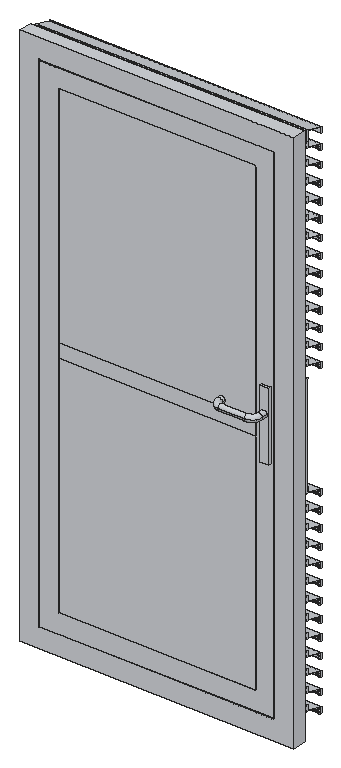
Revit family "NLRS_31_DO_WB_HF66-66 enkele deur-AV_jazo_jazo", category Doors, host Wall, Revit 2020 (continued)
Definition of nested family "NLRS_31_GM_UN_HF66-66 schoep-AV"
  Automatic sketch dimensions
    Extrusion 1 sketch curve to plane 8 "Top" = 0.671 mm
    Extrusion 1 sketch curve to Extrusion 1 sketch curve = 61.063 mm
    Extrusion 1 sketch curve to plane 8 "Top" = 2.41 mm
    Extrusion 1 sketch curve to Extrusion 1 sketch curve = 1.366 mm
    Extrusion 1 sketch curve to Extrusion 1 sketch curve = 0.005 mm
    Extrusion 1 sketch curve to plane 8 "Top" = 0.034 mm
    Extrusion 1 sketch curve to Extrusion 1 sketch curve = 0.541 mm
    Extrusion 1 sketch curve to Extrusion 1 sketch curve = 0.259 mm
    Extrusion 1 sketch curve to Extrusion 1 sketch curve = 0.902 mm  (x2)
    Extrusion 1 sketch curve to Extrusion 1 sketch curve = 0 mm
    Extrusion 1 sketch curve to Extrusion 1 sketch curve = 3.2 mm  (x2)
    Extrusion 1 sketch curve to Extrusion 1 sketch curve = 1.8 mm  (x2)
    Extrusion 1 sketch curve to Extrusion 1 sketch curve = 1.043 mm
    Extrusion 1 sketch curve to Extrusion 1 sketch curve = 5.004 mm
    Extrusion 1 sketch curve to Extrusion 1 sketch curve = 5.649 mm
    Extrusion 1 sketch curve to Extrusion 1 sketch curve = 1.865 mm
    Extrusion 1 sketch curve to Extrusion 1 sketch curve = 0.553 mm
    Extrusion 1 sketch curve to Extrusion 1 sketch curve = 0.79 mm
    level to Extrusion 1 sketch curve = 20.677 mm
    Extrusion 1 sketch curve to Extrusion 1 sketch curve = 0.614 mm
    Extrusion 1 sketch curve to Extrusion 1 sketch curve = 7.719 mm
    Extrusion 1 sketch curve to Extrusion 1 sketch curve = 0.9 mm
    Extrusion 1 sketch curve to Extrusion 1 sketch curve = 7.784 mm
    Extrusion 1 sketch curve to Extrusion 1 sketch curve = 0.548 mm
    Extrusion 1 sketch curve to Extrusion 1 sketch curve = 0.894 mm
Definition of nested family "NLRS_31_GM_UN_HF66-66 scharnier schoep-AV"
  Parameters (values of type "HF66-66  scharnier schoep")
    URL = "www.jazo.com"
    NLRS_C_zichtbaar_01 = yes
    NLRS_C_stelruimte_01 = 4 mm  # constant formula
    NLRS_C_materiaal = none
    NLRS_C_breedte_01 = 40 mm  # constant formula
    NLRS_C_breedte [instance] = 1000 mm
    Model = ""
    Manufacturer = "JAZO Zevenaar bv"
    Description = "HF66-66 scharnier schoep"
    Default Elevation = 0 mm
    Assembly Code = "23.30.60.11.17.11"
  Reference planes
    plane 1 "Center (Front/Back)": y = 0
    plane 2 "Bottom": z = 0
    plane 3 "Center (Left/Right)": x = 0
    plane 4 "Left": x = -500
    plane 5 "Right": x = 500
    plane 6 "schoep l": x = -496
    plane 7 "schoep r": x = 496
    plane 8 "scharnier": x = -456
    plane 9 "Top": z = 54.467
    plane 10 "voorkant schoep": y = 35.75
    plane 11 "achterkant schoep": y = -35.75
    plane 12 "voorkant kozijn": y = -46.75
  Forms (mm)
    Extrusion 1, solid, material <- "NLRS_C_materiaal", visible <- "NLRS_C_zichtbaar_01"
      sketch origin (0, -13.25, -19.505) x (0, -1, 0) y (0, 0, -1)
        loop
          arc (-48.259, -19.784) -> (-48.793, -20.142) -> (-49, -20.75) r 1
          line (-49, -20.75) -> (-49, -39.216)
          arc (-49, -39.216) -> (-48.793, -39.824) -> (-48.259, -40.182) r 1
          line (-48.259, -40.182) -> (15.7, -57.319) -> (15.7, -71.929) -> (14.329, -71.562)
          arc (14.329, -71.562) -> (13.227, -72.198) -> (13.863, -73.301) r 0.9
          line (13.863, -73.301) -> (16.241, -73.938)
          arc (16.241, -73.938) -> (17.109, -73.765) -> (17.5, -72.972) r 1
          line (17.5, -72.972) -> (17.5, -67.968) -> (22.5, -67.968) -> (22.5, -62.968) -> (20.7, -62.968) -> (20.7, -66.168) -> (17.5, -66.168) -> (17.5, -54.664)
          arc (17.5, -54.664) -> (16.597, -53.969) -> (15.695, -54.664) r 0.933
          line (15.695, -54.664) -> (15.695, -55.454) -> (-47.2, -38.602) -> (-47.2, -30.883) -> (-45.2, -30.883)
          arc (-45.2, -30.883) -> (-44.3, -29.983) -> (-45.2, -29.083) r 0.9
          line (-45.2, -29.083) -> (-47.2, -29.083) -> (-47.2, -21.299)
          arc (-47.2, -21.299) -> (-46.199, -20.339) -> (-47.329, -19.535) r 0.9
          line (-47.329, -19.535) -> (-48.259, -19.784)
      from -456 to 496
  Dimensions and locks
    equal spacing: plane 4 "Left", plane 3 "Center (Left/Right)", plane 5 "Right"
    "NLRS_C_breedte": plane 4 "Left" to plane 5 "Right"
    "NLRS_C_breedte_01": plane 6 "schoep l" to plane 8 "scharnier"
    "NLRS_C_stelruimte_01": plane 4 "Left" to plane 6 "schoep l"
    "NLRS_C_stelruimte_01": plane 7 "schoep r" to plane 5 "Right"
    locked: plane 11 "achterkant schoep" to plane 12 "voorkant kozijn" at 11
    aligned and locked: level to plane 2 "Bottom"
    aligned and locked: plane 7 "schoep r" to Extrusion 1
    aligned and locked: Extrusion 1 to plane 8 "scharnier"
  Automatic sketch dimensions
    plane 12 "voorkant kozijn" to Extrusion 1 sketch curve = 82.5 mm
    Extrusion 1 sketch curve to Extrusion 1 sketch curve = 0.741 mm  (x2)
    Extrusion 1 sketch curve to Extrusion 1 sketch curve = 1 mm  (x2)
    Extrusion 1 sketch curve to Extrusion 1 sketch curve = 0.929 mm
    Extrusion 1 sketch curve to Extrusion 1 sketch curve = 0.8 mm  (x2)
    Extrusion 1 sketch curve to Extrusion 1 sketch curve = 0.233 mm  (x3)
    Extrusion 1 sketch curve to Extrusion 1 sketch curve = 2 mm
    Extrusion 1 sketch curve to plane 9 "Top" = 0.671 mm
    Extrusion 1 sketch curve to Extrusion 1 sketch curve = 61.063 mm
    Extrusion 1 sketch curve to plane 9 "Top" = 2.41 mm
    Extrusion 1 sketch curve to Extrusion 1 sketch curve = 1.366 mm
    Extrusion 1 sketch curve to Extrusion 1 sketch curve = 0.005 mm
    Extrusion 1 sketch curve to plane 9 "Top" = 0.034 mm
    Extrusion 1 sketch curve to Extrusion 1 sketch curve = 0.541 mm
    Extrusion 1 sketch curve to Extrusion 1 sketch curve = 0.259 mm
    Extrusion 1 sketch curve to Extrusion 1 sketch curve = 0.902 mm  (x2)
    Extrusion 1 sketch curve to Extrusion 1 sketch curve = 0 mm
    Extrusion 1 sketch curve to Extrusion 1 sketch curve = 3.2 mm  (x2)
    Extrusion 1 sketch curve to Extrusion 1 sketch curve = 1.8 mm  (x2)
    Extrusion 1 sketch curve to Extrusion 1 sketch curve = 1.043 mm
    Extrusion 1 sketch curve to Extrusion 1 sketch curve = 3.961 mm
    Extrusion 1 sketch curve to Extrusion 1 sketch curve = 5.649 mm
    Extrusion 1 sketch curve to Extrusion 1 sketch curve = 1.865 mm
    Extrusion 1 sketch curve to Extrusion 1 sketch curve = 0.553 mm
    Extrusion 1 sketch curve to Extrusion 1 sketch curve = 0.79 mm
    Extrusion 1 sketch curve to Extrusion 1 sketch curve = 0.614 mm
    Extrusion 1 sketch curve to Extrusion 1 sketch curve = 7.719 mm
    Extrusion 1 sketch curve to Extrusion 1 sketch curve = 0.9 mm
    Extrusion 1 sketch curve to Extrusion 1 sketch curve = 7.784 mm
    Extrusion 1 sketch curve to Extrusion 1 sketch curve = 0.548 mm
    Extrusion 1 sketch curve to Extrusion 1 sketch curve = 0.894 mm
    Extrusion 1 sketch curve to plane 9 "Top" = 33.79 mm
Definition of nested family "NLRS_31_GM_UN_HF66-66 beslag schoep-AV"
  Parameters (values of type "HF66-66 beslag schoep")
    URL = "www.jazo.com"
    NLRS_C_zichtbaar_01 = yes
    NLRS_C_stelruimte_01 = 4 mm  # constant formula
    NLRS_C_materiaal = none
    NLRS_C_breedte_01 = 275 mm  # constant formula
    NLRS_C_breedte [instance] = 1000 mm
    Model = ""
    Manufacturer = "JAZO Zevenaar bv"
    Description = "HF66-66 beslag schoep"
    Default Elevation = 0 mm
    Assembly Code = "23.30.60.11.17.11"
  Reference planes
    plane 1 "Center (Front/Back)": y = 0
    plane 2 "Bottom": z = 0
    plane 3 "Center (Left/Right)": x = 0
    plane 4 "Left": x = -500
    plane 5 "Right": x = 500
    plane 6 "schoep l": x = -496
    plane 7 "schoep r": x = 496
    plane 8 "beslag": x = 221
    plane 9 "Top": z = 54.467
    plane 10 "voorkant schoep": y = 35.75
    plane 11 "achterkant schoep": y = -35.75
    plane 12 "voorkant kozijn": y = -46.75
  Forms (mm)
    Extrusion 1, solid, material <- "NLRS_C_materiaal", visible <- "NLRS_C_zichtbaar_01"
      sketch origin (0, -15, -13.505) x (0, -1, 0) y (0, 0, -1)
        loop
          arc (-50.009, -13.784) -> (-50.543, -14.142) -> (-50.75, -14.75) r 1
          line (-50.75, -14.75) -> (-50.75, -33.216)
          arc (-50.75, -33.216) -> (-50.543, -33.824) -> (-50.009, -34.182) r 1
          line (-50.009, -34.182) -> (13.95, -51.319) -> (13.95, -65.929) -> (12.579, -65.562)
          arc (12.579, -65.562) -> (11.477, -66.198) -> (12.113, -67.301) r 0.9
          line (12.113, -67.301) -> (14.491, -67.938)
          arc (14.491, -67.938) -> (15.359, -67.765) -> (15.75, -66.972) r 1
          line (15.75, -66.972) -> (15.75, -61.968) -> (20.75, -61.968) -> (20.75, -56.968) -> (18.95, -56.968) -> (18.95, -60.168) -> (15.75, -60.168) -> (15.75, -48.664)
          arc (15.75, -48.664) -> (14.847, -47.969) -> (13.945, -48.664) r 0.933
          line (13.945, -48.664) -> (13.945, -49.454) -> (-48.95, -32.602) -> (-48.95, -24.883) -> (-46.95, -24.883)
          arc (-46.95, -24.883) -> (-46.05, -23.983) -> (-46.95, -23.083) r 0.9
          line (-46.95, -23.083) -> (-48.95, -23.083) -> (-48.95, -15.299)
          arc (-48.95, -15.299) -> (-47.949, -14.339) -> (-49.079, -13.535) r 0.9
          line (-49.079, -13.535) -> (-50.009, -13.784)
      from -496 to 221
  Dimensions and locks
    equal spacing: plane 4 "Left", plane 3 "Center (Left/Right)", plane 5 "Right"
    "NLRS_C_breedte": plane 4 "Left" to plane 5 "Right"
    "NLRS_C_breedte_01": plane 8 "beslag" to plane 7 "schoep r"
    "NLRS_C_stelruimte_01": plane 7 "schoep r" to plane 5 "Right"
    "NLRS_C_stelruimte_01": plane 4 "Left" to plane 6 "schoep l"
    locked: plane 11 "achterkant schoep" to plane 12 "voorkant kozijn" at 11
    aligned and locked: level to plane 2 "Bottom"
    aligned and locked: plane 8 "beslag" to Extrusion 1
    aligned and locked: Extrusion 1 to plane 6 "schoep l"
  Automatic sketch dimensions
    Extrusion 1 sketch curve to plane 10 "voorkant schoep" = 0 mm
    Extrusion 1 sketch curve to plane 11 "achterkant schoep" = 0 mm
    Extrusion 1 sketch curve to plane 10 "voorkant schoep" = 0.741 mm  (x2)
    Extrusion 1 sketch curve to plane 10 "voorkant schoep" = 1 mm  (x2)
    Extrusion 1 sketch curve to Extrusion 1 sketch curve = 0.8 mm
    Extrusion 1 sketch curve to Extrusion 1 sketch curve = 2 mm
    Extrusion 1 sketch curve to Extrusion 1 sketch curve = 0.233 mm  (x3)
    Extrusion 1 sketch curve to plane 11 "achterkant schoep" = 8.637 mm
    Extrusion 1 sketch curve to plane 11 "achterkant schoep" = 6.805 mm
    Extrusion 1 sketch curve to Extrusion 1 sketch curve = 0.005 mm
    Extrusion 1 sketch curve to Extrusion 1 sketch curve = 2.378 mm
    Extrusion 1 sketch curve to Extrusion 1 sketch curve = 0.259 mm
    Extrusion 1 sketch curve to Extrusion 1 sketch curve = 0.902 mm  (x2)
    Extrusion 1 sketch curve to Extrusion 1 sketch curve = 0 mm
    Extrusion 1 sketch curve to plane 11 "achterkant schoep" = 1.8 mm
    level to Extrusion 1 sketch curve = 0.031 mm
    Extrusion 1 sketch curve to Extrusion 1 sketch curve = 0.869 mm  (x2)
    Extrusion 1 sketch curve to Extrusion 1 sketch curve = 0.249 mm
    Extrusion 1 sketch curve to Extrusion 1 sketch curve = 0.548 mm
    Extrusion 1 sketch curve to Extrusion 1 sketch curve = 0.9 mm
    Extrusion 1 sketch curve to Extrusion 1 sketch curve = 7.719 mm
    Extrusion 1 sketch curve to Extrusion 1 sketch curve = 0.614 mm
    Extrusion 1 sketch curve to plane 9 "Top" = 19.308 mm
    Extrusion 1 sketch curve to Extrusion 1 sketch curve = 0.001 mm
    Extrusion 1 sketch curve to Extrusion 1 sketch curve = 0.79 mm
    Extrusion 1 sketch curve to Extrusion 1 sketch curve = 1.865 mm
    Extrusion 1 sketch curve to Extrusion 1 sketch curve = 5.649 mm
    Extrusion 1 sketch curve to Extrusion 1 sketch curve = 3.2 mm
    Extrusion 1 sketch curve to Extrusion 1 sketch curve = 1.8 mm
    Extrusion 1 sketch curve to Extrusion 1 sketch curve = 4.463 mm
    Extrusion 1 sketch curve to Extrusion 1 sketch curve = 0.541 mm
    Extrusion 1 sketch curve to Extrusion 1 sketch curve = 0.367 mm
    Extrusion 1 sketch curve to Extrusion 1 sketch curve = 0.929 mm
    Extrusion 1 sketch curve to Extrusion 1 sketch curve = 18.883 mm
Definition of nested family "NLRS_31_GM_UN_beslagbak HF66-66-AV"
  Parameters (values of type "beslagbak HF66-66")
    URL = "www.jazo.com"
    NLRS_C_diepte_01 = 50 mm
    NLRS_C_afstand = if(JAZO_C_enkele deur, 95 mm, if(JAZO_C_dubbele deur, 48 mm, 48 mm))  # 95 mm
    Model = ""
    Manufacturer = "JAZO Zevenaar bv"
    JAZO_C_opbouwrooster HF66 66 = yes
    JAZO_C_materiaal schoep = none
    JAZO_C_materiaal beslag = none
    JAZO_C_enkele deur = yes
    JAZO_C_dubbele deur = no
    Description = "beslagbak HF66-66"
    Default Elevation = 0 mm
    Assembly Code = "23.30.40.31"
  Reference planes
    plane 1 "Center (Front/Back)": y = 0
    plane 2 "Bottom": z = 0
    plane 3 "Center (Left/Right)": x = 0
    plane 4 "Tussen": x = -179.999
    plane 5 "Right": x = 95
    plane 6 "Left": x = -240
    plane 7 "center hs50r": z = 310
    plane 8 "knop-kruk": x = 0
    plane 9 "stelruimte belsagbak": x = 99
    plane 10 "voorkant kozijn": y = -11
  Dimensions and locks
    plane 4 "Tussen" to plane 3 "Center (Left/Right)" = 179.999 mm
    plane 3 "Center (Left/Right)" to plane 5 "Right" = 95 mm
    plane 4 "Tussen" to plane 5 "Right" = 274.999 mm
    plane 6 "Left" to plane 4 "Tussen" = 60.001 mm
    "NLRS_C_afstand": plane 5 "Right" to plane 8 "knop-kruk"
    locked: plane 5 "Right" to plane 9 "stelruimte belsagbak" at 4
    locked: plane 10 "voorkant kozijn" to plane 1 "Center (Front/Back)" at 11
    aligned and locked: level to plane 2 "Bottom"
    aligned and locked: plane 7 "center hs50r" to nested 1
    aligned and locked: plane 8 "knop-kruk" to nested 1
    aligned and locked: plane 5 "Right" to nested 2
    aligned and locked: plane 1 "Center (Front/Back)" to nested 2
  Nested families
    nested 1: "NLRS_31_GM_UN_beslag opbouwrooster-AV" at (0, -11, 147), visible <- "JAZO_C_opbouwrooster HF66 66", type "beslag opbouwrooster"
    nested 2: "NLRS_31_GM_UN_beslagbak los HF66-66-AV" at (0, 0, 0), type "beslagbak HF66-66"
  Definition of nested family "NLRS_31_GM_UN_beslag opbouwrooster-AV"
    Parameters (values of type "beslag opbouwrooster")
      URL = "www.jazo.com"
      NLRS_C_materiaal = none
      NLRS_C_diepte_01 = 50 mm
      Model = ""
      Manufacturer = "Jazo Zevenaar bv"
      Description = "Beslag opbouwrooster"
      Default Elevation = 0 mm
      Assembly Code = "23.30.40.31"
    Reference planes
      plane 1 "Center (Front/Back)": y = 0
      plane 2 "Bottom": z = 0
      plane 3 "Center (Left/Right)": x = 0
      plane 4 "kruk": z = 163
      plane 5 "cilinder": z = 71.5
      plane 6 "achterkant kozijn": y = -50
      plane 7 "start beslag": y = 15
    Forms (mm)
      Extrusion 1, solid, material <- "NLRS_C_materiaal"
        sketch origin (0, 37, 0) x (1, 0, 0) y (0, 1, 0)
          loop
            line (-16, -10) -> (-16, -22) -> (16, -22) -> (16, -10) -> (-16, -10)
        from 0 to 251
      Extrusion 2, solid, material <- "NLRS_C_materiaal"
        sketch origin (0, 0, 0) x (1, 0, 0) y (0, 0, -1)
          loop
            circle (0, -163) r 11
        from 27 to 57
      Extrusion 3, solid, material <- "NLRS_C_materiaal"
        sketch origin (0, 0, 0) x (1, 0, 0) y (0, 0, -1)
          loop
            circle (0, -163) r 25
        from 57 to 73
      Sweep 4, solid, material <- "NLRS_C_materiaal"
        path origin (0, -4, 0) x (1, 0, 0) y (0, 1, 0)
          loop
            line (0, -58) -> (0, -80)
            arc (0, -80) -> (-7.249, -97.5) -> (-24.749, -104.749) r 24.749
            line (-24.749, -104.749) -> (-120.749, -104.749)
            arc (-120.749, -104.749) -> (-138.249, -97.5) -> (-145.497, -80) r 24.749
            line (-145.497, -80) -> (-145.497, -69)
        profile origin (0, -73, 0) x (1, 0, 0) y (0, 0, 1)
          loop
            circle (0, 163) r 11
      Extrusion 5, solid, material <- "NLRS_C_materiaal"
        sketch origin (0, -37, 0) x (1, 0, 0) y (0, 1, 0)
          loop
            line (-16, -25) -> (16, -25) -> (16, -13) -> (-16, -13) -> (-16, -25)
        from 0 to 251
    Dimensions and locks
      locked: plane 4 "kruk" to plane 2 "Bottom" at 163
      locked: plane 5 "cilinder" to plane 2 "Bottom" at 71.5
      locked: plane 7 "start beslag" to Extrusion 2 at 12
      locked: plane 7 "start beslag" to Extrusion 3 at 42
      locked: Extrusion 3 to plane 7 "start beslag" at 58
      locked: plane 1 "Center (Front/Back)" to plane 7 "start beslag" at 15
      "NLRS_C_diepte_01": plane 6 "achterkant kozijn" to plane 1 "Center (Front/Back)"
      aligned and locked: level to plane 2 "Bottom"
      aligned and locked: Extrusion 1 to plane 7 "start beslag"
      aligned and locked: Extrusion 2 to Extrusion 3
      aligned and locked: Extrusion 2 to Extrusion 1
    Automatic sketch dimensions
      Extrusion 1 sketch curve to plane 7 "start beslag" = 0 mm
      Extrusion 1 sketch curve to plane 3 "Center (Left/Right)" = 16 mm
      plane 3 "Center (Left/Right)" to Extrusion 1 sketch curve = 16 mm
      plane 7 "start beslag" to Extrusion 1 sketch curve = 12 mm
      Extrusion 2 sketch curve to plane 3 "Center (Left/Right)" = 0 mm
      Extrusion 2 sketch curve to plane 4 "kruk" = 0 mm
      Extrusion 3 sketch curve to plane 3 "Center (Left/Right)" = 0 mm
      Extrusion 3 sketch curve to plane 4 "kruk" = 0 mm
      Sweep 4 sketch curve to plane 3 "Center (Left/Right)" = 0 mm
      Sweep 4 sketch curve to plane 3 "Center (Left/Right)" = 24.749 mm
      Sweep 4 sketch curve to plane 6 "achterkant kozijn" = 58.749 mm
      Sweep 4 sketch curve to Sweep 4 sketch curve = 96 mm
      Sweep 4 sketch curve to Sweep 4 sketch curve = 24.749 mm
      Sweep 4 sketch curve to Sweep 4 sketch curve = 11 mm
      Sweep 4 sketch curve to plane 6 "achterkant kozijn" = 12 mm
      profile plane to Sweep 4 sketch curve = 0 mm
      profile plane to Sweep 4 sketch curve = 163 mm
      Extrusion 5 sketch curve to plane 6 "achterkant kozijn" = 0 mm
      Extrusion 5 sketch curve to plane 3 "Center (Left/Right)" = 16 mm
      plane 3 "Center (Left/Right)" to Extrusion 5 sketch curve = 16 mm
      Extrusion 5 sketch curve to Extrusion 5 sketch curve = 12 mm
      radius of Extrusion 2 sketch curve = 11 mm
      radius of Extrusion 3 sketch curve = 25 mm
      radius of Sweep 4 sketch curve = 11 mm
  Definition of nested family "NLRS_31_GM_UN_beslagbak los HF66-66-AV"
    Parameters (values of type "beslagbak HF66-66")
      URL = "www.jazo.com"
      NLRS_C_materiaal = none
      Model = ""
      Manufacturer = "JAZO Zevenaar bv"
      Description = "Beslagbak HF66-66"
      Default Elevation = 0 mm
      Assembly Code = "23.30.40.31"
    Reference planes
      plane 1 "Center (Front/Back)": y = 0
      plane 2 "Bottom": z = 0
      plane 3 "Center (Left/Right)": x = 0
      plane 4 "Tussen": x = -180
      plane 5 "Right": x = 95
      plane 6 "Left": x = -240
      plane 7 "mid": x = -212
    Forms (mm)
      Extrusion 1, solid, material <- "NLRS_C_materiaal"
        sketch origin (0, 0, 67.049) x (0, 1, 0) y (0, 0, 1)
          loop
            line (1.8, 359.053) -> (1.8, -16.284) -> (69.7, -34.478) -> (69.7, -42.197) -> (67.7, -42.197)
            arc (67.7, -42.197) -> (66.8, -43.097) -> (67.7, -43.997) r 0.9
            line (67.7, -43.997) -> (69.7, -43.997) -> (69.7, -51.781)
            arc (69.7, -51.781) -> (68.699, -52.741) -> (69.829, -53.545) r 0.9
            line (69.829, -53.545) -> (70.759, -53.296)
            arc (70.759, -53.296) -> (71.293, -52.938) -> (71.5, -52.33) r 1
            line (71.5, -52.33) -> (71.5, -33.864)
            arc (71.5, -33.864) -> (71.293, -33.256) -> (70.759, -32.898) r 1
            line (70.759, -32.898) -> (4, -15.01) -> (4, 356.6) -> (8.171, 355.482)
            arc (8.171, 355.482) -> (9.273, 356.118) -> (8.637, 357.221) r 0.9
            line (8.637, 357.221) -> (1.8, 359.053)
        from 95 to -180
      Extrusion 2, solid, material <- "NLRS_C_materiaal"
        sketch origin (0, 1.8, 0) x (1, 0, 0) y (0, 1, 0)
          loop
            line (-240, 0) -> (-240, -9)
            arc (-240, -9) -> (-239.414, -10.414) -> (-238, -11) r 2
            line (-238, -11) -> (-212, -11)
            arc (-212, -11) -> (-210.586, -10.414) -> (-210, -9) r 2
            line (-210, -9) -> (-210, -2.014)
            arc (-210, -2.014) -> (-209.41, -0.59) -> (-207.986, 0) r 2.014
            line (-207.986, 0) -> (-180, 0) -> (-180, 2.2) -> (-207.786, 2.2)
            arc (-207.786, 2.2) -> (-210.766, 0.966) -> (-212, -2.014) r 4.214
            line (-212, -2.014) -> (-212, -9) -> (-238, -9) -> (-238, 0) -> (-240, 0)
        from 423.649 to 50.765
      Extrusion 3, solid, material <- "NLRS_C_materiaal"
        sketch origin (-333, -2, 67.049) x (0, 1, 0) y (0, 0, 1)
          loop
            line (71.2, 322.138) -> (9.332, 338.716)
            arc (9.332, 338.716) -> (7.701, 337.403) -> (6.5, 339.118) r 1.433
            line (6.5, 339.118) -> (6.5, 356.6) -> (3.8, 356.6) -> (3.8, -16.284) -> (6.5, -17.008) -> (6.5, -0.108)
            arc (6.5, -0.108) -> (7.087, 1.082) -> (8.388, 1.341) r 1.5
            line (8.388, 1.341) -> (10.766, 0.704)
            arc (10.766, 0.704) -> (11.56, 0.141) -> (11.795, -0.803) r 1.4
            line (11.795, -0.803) -> (71.2, 8.168) -> (71.2, 15.003) -> (69.7, 15.003)
            arc (69.7, 15.003) -> (68.3, 16.403) -> (69.7, 17.803) r 1.4
            line (69.7, 17.803) -> (71.2, 17.803) -> (71.2, 24.638) -> (9.332, 41.216)
            arc (9.332, 41.216) -> (7.701, 39.903) -> (6.5, 41.618) r 1.433
            line (6.5, 41.618) -> (6.5, 54.388) -> (6.5, 59.392)
            arc (6.5, 59.392) -> (7.087, 60.582) -> (8.388, 60.841) r 1.5
            line (8.388, 60.841) -> (10.766, 60.204)
            arc (10.766, 60.204) -> (11.56, 59.641) -> (11.795, 58.697) r 1.4
            line (11.795, 58.697) -> (71.2, 67.668) -> (71.2, 74.503) -> (69.7, 74.503)
            arc (69.7, 74.503) -> (68.3, 75.903) -> (69.7, 77.303) r 1.4
            line (69.7, 77.303) -> (71.2, 77.303) -> (71.2, 84.138) -> (9.332, 100.716)
            arc (9.332, 100.716) -> (7.701, 99.403) -> (6.5, 101.118) r 1.433
            line (6.5, 101.118) -> (6.5, 113.888) -> (6.5, 118.892)
            arc (6.5, 118.892) -> (7.087, 120.082) -> (8.388, 120.341) r 1.5
            line (8.388, 120.341) -> (10.766, 119.704)
            arc (10.766, 119.704) -> (11.56, 119.141) -> (11.795, 118.197) r 1.4
            line (11.795, 118.197) -> (71.2, 127.168) -> (71.2, 134.003) -> (69.7, 134.003)
            arc (69.7, 134.003) -> (68.3, 135.403) -> (69.7, 136.803) r 1.4
            line (69.7, 136.803) -> (71.2, 136.803) -> (71.2, 143.638) -> (9.332, 160.216)
            arc (9.332, 160.216) -> (7.701, 158.903) -> (6.5, 160.618) r 1.433
            line (6.5, 160.618) -> (6.5, 173.388) -> (6.5, 178.392)
            arc (6.5, 178.392) -> (7.087, 179.582) -> (8.388, 179.841) r 1.5
            line (8.388, 179.841) -> (10.766, 179.204)
            arc (10.766, 179.204) -> (11.56, 178.641) -> (11.795, 177.697) r 1.4
            line (11.795, 177.697) -> (71.2, 186.668) -> (71.2, 193.503) -> (69.7, 193.503)
            arc (69.7, 193.503) -> (68.3, 194.903) -> (69.7, 196.303) r 1.4
            line (69.7, 196.303) -> (71.2, 196.303) -> (71.2, 203.138) -> (9.332, 219.716)
            arc (9.332, 219.716) -> (7.701, 218.403) -> (6.5, 220.118) r 1.433
            line (6.5, 220.118) -> (6.5, 232.888) -> (6.5, 237.892)
            arc (6.5, 237.892) -> (7.087, 239.082) -> (8.388, 239.341) r 1.5
            line (8.388, 239.341) -> (10.766, 238.704)
            arc (10.766, 238.704) -> (11.56, 238.141) -> (11.795, 237.197) r 1.4
            line (11.795, 237.197) -> (71.2, 246.168) -> (71.2, 253.003) -> (69.7, 253.003)
            arc (69.7, 253.003) -> (68.3, 254.403) -> (69.7, 255.803) r 1.4
            line (69.7, 255.803) -> (71.2, 255.803) -> (71.2, 262.638) -> (9.332, 279.216)
            arc (9.332, 279.216) -> (7.701, 277.903) -> (6.5, 279.618) r 1.433
            line (6.5, 279.618) -> (6.5, 292.388) -> (6.5, 297.392)
            arc (6.5, 297.392) -> (7.087, 298.582) -> (8.388, 298.841) r 1.5
            line (8.388, 298.841) -> (10.766, 298.204)
            arc (10.766, 298.204) -> (11.56, 297.641) -> (11.795, 296.697) r 1.4
            line (11.795, 296.697) -> (71.2, 305.668) -> (71.2, 312.503) -> (69.7, 312.503)
            arc (69.7, 312.503) -> (68.3, 313.903) -> (69.7, 315.303) r 1.4
            line (69.7, 315.303) -> (71.2, 315.303) -> (71.2, 322.138)
        from 95 to 93
      Extrusion 4, void
        sketch origin (0, 0, 0) x (0, 1, 0) y (0, 0, 1)
          loop
            line (-0.5, 419.437) -> (-0.5, 413.437) -> (1.8, 413.437) -> (1.8, 416.637) -> (5, 416.637) -> (5, 419.437) -> (-0.5, 419.437)
        from -179.5 to -240
      Extrusion 5, void
        sketch origin (0, 0, -59.5) x (0, 1, 0) y (0, 0, 1)
          loop
            line (-0.5, 419.437) -> (-0.5, 413.437) -> (1.8, 413.437) -> (1.8, 416.637) -> (5, 416.637) -> (5, 419.437) -> (-0.5, 419.437)
        from -179.5 to -240
      Extrusion 6, void
        sketch origin (0, 0, -119) x (0, 1, 0) y (0, 0, 1)
          loop
            line (-0.5, 419.437) -> (-0.5, 413.437) -> (1.8, 413.437) -> (1.8, 416.637) -> (5, 416.637) -> (5, 419.437) -> (-0.5, 419.437)
        from -179.5 to -240
      Extrusion 7, void
        sketch origin (0, 0, -178.5) x (0, 1, 0) y (0, 0, 1)
          loop
            line (-0.5, 419.437) -> (-0.5, 413.437) -> (1.8, 413.437) -> (1.8, 416.637) -> (5, 416.637) -> (5, 419.437) -> (-0.5, 419.437)
        from -179.5 to -240
      Extrusion 8, void
        sketch origin (0, 0, -238) x (0, 1, 0) y (0, 0, 1)
          loop
            line (-0.5, 419.437) -> (-0.5, 413.437) -> (1.8, 413.437) -> (1.8, 416.637) -> (5, 416.637) -> (5, 419.437) -> (-0.5, 419.437)
        from -179.5 to -240
      Extrusion 9, void
        sketch origin (0, 0, -297.5) x (0, 1, 0) y (0, 0, 1)
          loop
            line (-0.5, 419.437) -> (-0.5, 413.437) -> (1.8, 413.437) -> (1.8, 416.637) -> (5, 416.637) -> (5, 419.437) -> (-0.5, 419.437)
        from -179.5 to -240
      Extrusion 10, void
        sketch origin (0, 0, -357) x (0, 1, 0) y (0, 0, 1)
          loop
            line (-0.5, 419.437) -> (-0.5, 413.437) -> (1.8, 413.437) -> (1.8, 416.637) -> (5, 416.637) -> (5, 419.437) -> (-0.5, 419.437)
        from -179.5 to -240
    Cuts and joins
      Extrusion 4, Extrusion 5, Extrusion 6, Extrusion 7, Extrusion 8, Extrusion 9, Extrusion 10 cuts Extrusion 1
      Extrusion 4, Extrusion 5, Extrusion 6, Extrusion 7, Extrusion 8, Extrusion 9, Extrusion 10 cuts Extrusion 2
      Extrusion 4, Extrusion 5, Extrusion 6, Extrusion 7, Extrusion 8, Extrusion 9, Extrusion 10 cuts Extrusion 3
      joined: Extrusion 1, Extrusion 2, Extrusion 3
    Dimensions and locks
      plane 4 "Tussen" to plane 3 "Center (Left/Right)" = 180 mm
      plane 3 "Center (Left/Right)" to plane 5 "Right" = 95 mm
      plane 4 "Tussen" to plane 5 "Right" = 275 mm
      plane 6 "Left" to plane 4 "Tussen" = 60 mm
      locked: plane 7 "mid" to plane 4 "Tussen" at 32
      equal spacing: group 1, group 2, group 3, group 4, group 5, group 6, group 7  (x2)
      equal spacing: group 7, group 6, group 5, group 4, group 3, group 2, group 1
      aligned and locked: level to plane 2 "Bottom"
      aligned and locked: Extrusion 1 to plane 5 "Right"
      aligned and locked: Extrusion 1 to plane 4 "Tussen"
    Automatic sketch dimensions
      Extrusion 1 sketch curve to plane 1 "Center (Front/Back)" = 71.5 mm
      Extrusion 1 sketch curve to Extrusion 1 sketch curve = 0.741 mm
      Extrusion 1 sketch curve to Extrusion 1 sketch curve = 1 mm
      Extrusion 1 sketch curve to Extrusion 1 sketch curve = 0.259 mm  (x2)
      Extrusion 1 sketch curve to Extrusion 1 sketch curve = 0.8 mm
      Extrusion 1 sketch curve to Extrusion 1 sketch curve = 0 mm
      Extrusion 1 sketch curve to Extrusion 1 sketch curve = 2 mm
      Extrusion 1 sketch curve to Extrusion 1 sketch curve = 0.9 mm
      Extrusion 1 sketch curve to Extrusion 1 sketch curve = 7.719 mm
      Extrusion 1 sketch curve to Extrusion 1 sketch curve = 0.614 mm
      Extrusion 1 sketch curve to Extrusion 1 sketch curve = 16.614 mm
      Extrusion 1 sketch curve to Extrusion 1 sketch curve = 1.274 mm
      Extrusion 2 sketch curve to plane 6 "Left" = 0 mm
      Extrusion 2 sketch curve to plane 7 "mid" = 0 mm  (x2)
      Extrusion 2 sketch curve to plane 4 "Tussen" = 0 mm
      Extrusion 2 sketch curve to Extrusion 2 sketch curve = 2 mm  (x2)
      plane 1 "Center (Front/Back)" to Extrusion 2 sketch curve = 0.214 mm
      plane 7 "mid" to Extrusion 2 sketch curve = 2 mm
      Extrusion 2 sketch curve to plane 1 "Center (Front/Back)" = 1.8 mm  (x2)
      Extrusion 2 sketch curve to Extrusion 2 sketch curve = 0.2 mm
      plane 1 "Center (Front/Back)" to Extrusion 2 sketch curve = 7.2 mm
      Extrusion 2 sketch curve to Extrusion 2 sketch curve = 0 mm  (x2)
      Extrusion 1 sketch curve to plane 1 "Center (Front/Back)" = 1.8 mm
      Extrusion 1 sketch curve to Extrusion 1 sketch curve = 371.61 mm
      Extrusion 1 sketch curve to Extrusion 1 sketch curve = 4.404 mm
      Extrusion 1 sketch curve to Extrusion 1 sketch curve = 0.233 mm  (x3)
      Extrusion 1 sketch curve to Extrusion 1 sketch curve = 0.248 mm
      Extrusion 1 sketch curve to Extrusion 1 sketch curve = 0.869 mm
      Extrusion 1 sketch curve to Extrusion 1 sketch curve = 2.453 mm
      Extrusion 1 sketch curve to Extrusion 1 sketch curve = 2.2 mm
      Extrusion 4 sketch curve to Extrusion 4 sketch curve = 3.2 mm  (x2)
      Extrusion 4 sketch curve to Extrusion 4 sketch curve = 2.8 mm
      Extrusion 4 sketch curve to Extrusion 4 sketch curve = 2.3 mm
      Extrusion 5 sketch curve to Extrusion 5 sketch curve = 3.2 mm  (x2)
      Extrusion 5 sketch curve to Extrusion 5 sketch curve = 2.8 mm
      Extrusion 5 sketch curve to Extrusion 5 sketch curve = 2.3 mm
      Extrusion 6 sketch curve to Extrusion 6 sketch curve = 3.2 mm  (x2)
      Extrusion 6 sketch curve to Extrusion 6 sketch curve = 2.8 mm
      Extrusion 6 sketch curve to Extrusion 6 sketch curve = 2.3 mm
      Extrusion 7 sketch curve to Extrusion 7 sketch curve = 3.2 mm  (x2)
      Extrusion 7 sketch curve to Extrusion 7 sketch curve = 2.8 mm
      Extrusion 7 sketch curve to Extrusion 7 sketch curve = 2.3 mm
      Extrusion 8 sketch curve to Extrusion 8 sketch curve = 3.2 mm  (x2)
      Extrusion 8 sketch curve to Extrusion 8 sketch curve = 2.8 mm
      Extrusion 8 sketch curve to Extrusion 8 sketch curve = 2.3 mm
      Extrusion 9 sketch curve to Extrusion 9 sketch curve = 3.2 mm  (x2)
      Extrusion 9 sketch curve to Extrusion 9 sketch curve = 2.8 mm
      Extrusion 9 sketch curve to Extrusion 9 sketch curve = 2.3 mm
      Extrusion 10 sketch curve to Extrusion 10 sketch curve = 3.2 mm  (x2)
      Extrusion 10 sketch curve to Extrusion 10 sketch curve = 2.8 mm
      Extrusion 10 sketch curve to Extrusion 10 sketch curve = 2.3 mm
      Extrusion 1 sketch curve to Extrusion 1 sketch curve = 0.548 mm
      Extrusion 1 sketch curve to Extrusion 1 sketch curve = 7.784 mm
      Extrusion 1 sketch curve to Extrusion 1 sketch curve = 0.104 mm
      Extrusion 1 sketch curve to Extrusion 1 sketch curve = 0.894 mm
      level to Extrusion 1 sketch curve = 13.505 mm
      Extrusion 3 sketch curve to plane 1 "Center (Front/Back)" = 1.8 mm
      Extrusion 3 sketch curve to Extrusion 3 sketch curve = 2.7 mm  (x2)
      Extrusion 3 sketch curve to plane 1 "Center (Front/Back)" = 4.5 mm  (x5)
      Extrusion 3 sketch curve to Extrusion 3 sketch curve = 1.402 mm  (x6)
      Extrusion 3 sketch curve to Extrusion 3 sketch curve = 1.5 mm  (x18)
      Extrusion 3 sketch curve to Extrusion 3 sketch curve = 0.388 mm  (x6)
      Extrusion 3 sketch curve to Extrusion 3 sketch curve = 1.429 mm  (x6)
      Extrusion 3 sketch curve to Extrusion 3 sketch curve = 2.404 mm  (x6)
      Extrusion 3 sketch curve to Extrusion 3 sketch curve = 0.362 mm  (x6)
      Extrusion 3 sketch curve to Extrusion 3 sketch curve = 1.391 mm  (x6)
      level to Extrusion 3 sketch curve = 50.041 mm
      Extrusion 3 sketch curve to Extrusion 3 sketch curve = 0.723 mm
      Extrusion 3 sketch curve to Extrusion 3 sketch curve = 16.205 mm
      Extrusion 3 sketch curve to Extrusion 3 sketch curve = 0.154 mm  (x6)
      Extrusion 3 sketch curve to Extrusion 3 sketch curve = 0.541 mm  (x6)
      Extrusion 3 sketch curve to Extrusion 3 sketch curve = 8.971 mm
      Extrusion 3 sketch curve to Extrusion 3 sketch curve = 6.835 mm  (x12)
      Extrusion 3 sketch curve to Extrusion 3 sketch curve = 1.4 mm  (x6)
      Extrusion 3 sketch curve to Extrusion 3 sketch curve = 39.875 mm  (x2)
      Extrusion 3 sketch curve to Extrusion 3 sketch curve = 0.106 mm  (x6)
      Extrusion 3 sketch curve to Extrusion 3 sketch curve = 12.77 mm  (x5)
      Extrusion 3 sketch curve to Extrusion 3 sketch curve = 4.309 mm  (x5)
      Extrusion 3 sketch curve to Extrusion 3 sketch curve = 1.449 mm  (x5)
      Extrusion 3 sketch curve to Extrusion 3 sketch curve = 17.482 mm
      Extrusion 3 sketch curve to Extrusion 3 sketch curve = 43.03 mm  (x5)
      Extrusion 3 sketch curve to Extrusion 3 sketch curve = 57.905 mm
      Extrusion 3 sketch curve to Extrusion 3 sketch curve = 41.324 mm  (x4)
Definition of nested family "NLRS_31_GM_UN_aluminium kozijn-AV"
  Parameters (values of type "aluminium kozijn")
    URL = "www.jazo.com"
    NLRS_C_zichtbaar_01 = no
    NLRS_C_materiaal = none
    NLRS_C_hoogte = 2000 mm
    NLRS_C_diepte = 50 mm
    NLRS_C_breedte = 1000 mm
    Model = "Aluminium kozijn"
    Manufacturer = "JAZO Zevenaar bv"
    Description = "Aluminium kozijn"
    Default Elevation = 0 mm
    Assembly Code = "23.30.10.11.11"
  Reference planes
    plane 1 "Center (Front/Back)": y = 0
    plane 2 "Bottom": z = 0
    plane 3 "Center (Left/Right)": x = 0
    plane 4 "Left": x = -500
    plane 5 "Right": x = 500
    plane 6 "Top": z = 2000
    plane 7 "voorkant kozijn": y = 25
    plane 8 "offset": y = 0
    plane 9 "achterkant kozijn": y = -25
    plane 10 "offset links 1": x = -480
    plane 11 "offset boven": z = 1980
    plane 12 "offset rechts 1": x = 480
    plane 13 "offset links 2": x = -448
    plane 14 "offset rechts 2": x = 448
  Forms (mm)
    Sweep 1, solid, material <- "NLRS_C_materiaal", visible <- "NLRS_C_zichtbaar_01"
      path origin (0, 0, 0) x (1, 0, 0) y (0, 0, 1)
        loop
          line (-500, 0) -> (500, 0) -> (500, 2000) -> (-500, 2000) -> (-500, 0)
      profile origin (0, 0, 0) x (0, 0, 1) y (0, -1, 0)
        loop
          line (0, 30) -> (0, -30) -> (20, -30) -> (20, 4.5) -> (52, 4.5) -> (52, 30) -> (0, 30)
    Sweep 2, solid, material <- "NLRS_C_materiaal", visible <- "NLRS_C_zichtbaar_01"
      path origin (0, 0, 0) x (1, 0, 0) y (0, 0, 1)
        loop
          line (-480, 1980) -> (480, 1980)
      profile origin (0, 0, 1980) x (0, 0, 1) y (0, -1, 0)
        loop
          line (0, 4.5) -> (-2, 4.5) -> (-2, -30) -> (-4.657, -39.654)
          arc (-4.657, -39.654) -> (-5.372, -40.723) -> (-6.589, -41.137) r 2
          line (-6.589, -41.137) -> (-13.04, -41.137) -> (-13.04, -43.137) -> (-6.589, -43.137)
          arc (-6.589, -43.137) -> (-4.154, -42.31) -> (-2.726, -40.172) r 4
          line (-2.726, -40.172) -> (0, -30) -> (0, 4.5)
  Lines and regions (mm)
    symbolic lines, visible <- "NLRS_C_zichtbaar_01"
      curve 1: line (-448, -25, 0) -> (448, -25, 0)
      curve 2: line (-480, 25, 0) -> (480, 25, 0)
      curve 3: line (0, 25, 1980) -> (0, 25, 20)
      curve 4: line (0, -25, 52) -> (0, -25, 1948)
      curve 5: line (-448, -4.5, 0) -> (448, -4.5, 0)
  Dimensions and locks
    "NLRS_C_hoogte": plane 6 "Top" to plane 2 "Bottom"
    "NLRS_C_breedte": plane 4 "Left" to plane 5 "Right"
    equal spacing: plane 4 "Left", plane 3 "Center (Left/Right)", plane 5 "Right"
    "NLRS_C_diepte": plane 7 "voorkant kozijn" to plane 9 "achterkant kozijn"
    equal spacing: plane 7 "voorkant kozijn", plane 1 "Center (Front/Back)", plane 9 "achterkant kozijn"
    locked: plane 4 "Left" to plane 10 "offset links 1" at 20
    locked: plane 6 "Top" to plane 11 "offset boven" at 20
    plane 12 "offset rechts 1" to plane 5 "Right" = 20 mm
    locked: plane 10 "offset links 1" to plane 13 "offset links 2" at 32
    locked: plane 14 "offset rechts 2" to plane 12 "offset rechts 1" at 32
    aligned and locked: level to plane 2 "Bottom"
    aligned and locked: plane 9 "achterkant kozijn" to nested 3
    aligned and locked: nested 4 to plane 9 "achterkant kozijn"
    aligned and locked: nested 1 to plane 9 "achterkant kozijn"
    aligned and locked: plane 9 "achterkant kozijn" to nested 2
    aligned and locked: Sweep 1 sketch curve to plane 6 "Top"
    aligned and locked: plane 5 "Right" to Sweep 1 sketch curve
    aligned and locked: Sweep 1 sketch curve to plane 4 "Left"
    aligned and locked: level to Sweep 1 sketch curve
    aligned and locked: plane 5 "Right" to nested 2
    aligned and locked: plane 4 "Left" to nested 1
    aligned and locked: plane 6 "Top" to nested 3
    aligned and locked: plane 2 "Bottom" to nested 4
    aligned and locked: Sweep 2 sketch curve to plane 11 "offset boven"
    aligned and locked: plane 12 "offset rechts 1" to Sweep 2 sketch curve
    aligned and locked: plane 10 "offset links 1" to Sweep 2 sketch curve
    aligned and locked: curve 1 to plane 9 "achterkant kozijn"
    aligned and locked: curve 2 to plane 7 "voorkant kozijn"
    aligned and locked: plane 11 "offset boven" to Sweep 2
    aligned and locked: plane 7 "voorkant kozijn" to curve 3
    aligned and locked: curve 4 to plane 9 "achterkant kozijn"
  Automatic sketch dimensions
    Sweep 1 sketch curve to profile plane = 0 mm
    plane 1 "Center (Front/Back)" to Sweep 1 sketch curve = 4.5 mm
    Sweep 1 sketch curve to Sweep 1 sketch curve = 20 mm
    Sweep 1 sketch curve to Sweep 1 sketch curve = 32 mm
    Sweep 1 sketch curve to plane 1 "Center (Front/Back)" = 30 mm
    plane 1 "Center (Front/Back)" to Sweep 1 sketch curve = 30 mm
    Sweep 2 sketch curve to Sweep 2 sketch curve = 0 mm  (x3)
    profile plane to Sweep 2 sketch curve = 0 mm
    profile plane to Sweep 2 sketch curve = 2 mm
    profile plane to Sweep 2 sketch curve = 2.726 mm
    Sweep 2 sketch curve to Sweep 2 sketch curve = 1.932 mm  (x2)
    Sweep 2 sketch curve to Sweep 2 sketch curve = 6.451 mm
    Sweep 2 sketch curve to plane 1 "Center (Front/Back)" = 43.137 mm
    Sweep 2 sketch curve to Sweep 2 sketch curve = 2 mm
    Sweep 2 sketch curve to Sweep 2 sketch curve = 0.965 mm
    Sweep 2 sketch curve to Sweep 2 sketch curve = 10.172 mm
    plane 1 "Center (Front/Back)" to Sweep 2 sketch curve = 4.5 mm
    level to curve 3 = 20 mm
    level to curve 4 = 52 mm
    curve 4 to plane 11 "offset boven" = 32 mm
    curve 3 to plane 11 "offset boven" = 0 mm
    curve 2 to plane 10 "offset links 1" = 0 mm
    curve 5 to plane 13 "offset links 2" = 0 mm
    curve 1 to plane 13 "offset links 2" = 0 mm
    curve 5 to plane 14 "offset rechts 2" = 0 mm
    curve 1 to plane 14 "offset rechts 2" = 0 mm
    curve 2 to plane 12 "offset rechts 1" = 0 mm
    plane 1 "Center (Front/Back)" to curve 5 = 4.5 mm
  Nested families
    nested 1: "NLRS_31_DI_UN_alu kozijn detail" at (-500, 35, 0), visible <- "NLRS_C_zichtbaar_01", type "alu kozijn detail"
    nested 2: "NLRS_31_DI_UN_alu kozijn detail" at (500, 35, 0) x (-1, 0, 0) z (0, 0, 1), visible <- "NLRS_C_zichtbaar_01", type "alu kozijn detail"
    nested 3: "NLRS_31_DI_UN_alu kozijn detail" at (0, 35, 2000) x (0, 0, -1) z (1, 0, 0), visible <- "NLRS_C_zichtbaar_01", type "alu kozijn detail"
    nested 4: "NLRS_31_DI_UN_alu kozijn detail" at (0, 35, 0) x (0, 0, 1) z (1, 0, 0), visible <- "NLRS_C_zichtbaar_01", type "alu kozijn detail"
  Definition of nested family "NLRS_31_DI_UN_alu kozijn detail"
    Parameters (values of type "alu kozijn detail")
      URL = "www.jazo.com"
      Manufacturer = "Jazo Zevenaar BV"
      Description = "Aluminium kozijn detail"
      Assembly Code = "23.30.10.11.11"
    Reference planes
      plane 1 "Center (Front/Back)": y = 0
      plane 2: z = 0
      plane 3 "Center (Left/Right)": x = 0
    Lines and regions (mm)
      detail lines, in view "Ref. Level"
        curve 1: line (16.3, 18, 0) -> (16.3, 30, 0)
        curve 2: line (16.3, 30, 0) -> (18, 31.7, 0)
        curve 3: line (18, 31.7, 0) -> (18, 35.5, 0)
        curve 4: arc (18, 35.5, 0) -> (18.293, 36.207, 0) -> (19, 36.5, 0) r 1
        curve 5: line (19, 36.5, 0) -> (39.6, 36.5, 0)
        curve 6: line (39.6, 36.5, 0) -> (39.6, 38.3, 0)
        curve 7: arc (39.6, 38.3, 0) -> (39.893, 39.007, 0) -> (40.6, 39.3, 0) r 1
        curve 8: line (40.6, 39.3, 0) -> (50, 39.3, 0)
        curve 9: line (50, 39.3, 0) -> (50, 54.5, 0)
        curve 10: line (50, 54.5, 0) -> (48, 54.5, 0)
        curve 11: line (48, 54.5, 0) -> (48, 56, 0)
        curve 12: line (48, 56, 0) -> (50, 56, 0)
        curve 13: line (50, 56, 0) -> (50, 58, 0)
        curve 14: line (50, 58, 0) -> (18.3, 58, 0)
        curve 15: line (18.3, 58, 0) -> (18.3, 56, 0)
        curve 16: line (18.3, 56, 0) -> (20.3, 56, 0)
        curve 17: line (20.3, 56, 0) -> (20.3, 54.5, 0)
        curve 18: line (20.3, 54.5, 0) -> (18.3, 54.5, 0)
        curve 19: line (18.3, 54.5, 0) -> (18.3, 52, 0)
        curve 20: arc (18.3, 52, 0) -> (17.3, 51, 0) -> (16.3, 52, 0) r 1
        curve 21: line (16.3, 52, 0) -> (16.3, 58, 0)
        curve 22: line (16.3, 58, 0) -> (4, 58, 0)
        curve 23: line (4, 58, 0) -> (4, 48, 0)
        curve 24: line (4, 48, 0) -> (5.7, 47.019, 0)
        curve 25: line (5.7, 47.019, 0) -> (5.7, 38.1, 0)
        curve 26: line (5.7, 38.1, 0) -> (4, 37.119, 0)
        curve 27: line (4, 37.119, 0) -> (4, 29.491, 0)
        curve 28: line (4, 29.491, 0) -> (5.7, 28.51, 0)
        curve 29: line (5.7, 28.51, 0) -> (5.7, 12.981, 0)
        curve 30: line (5.7, 12.981, 0) -> (4, 12, 0)
        curve 31: line (4, 12, 0) -> (4, 4.5, 0)
        curve 32: line (4, 4.5, 0) -> (5.7, 3.519, 0)
        curve 33: line (5.7, 3.519, 0) -> (5.7, 2, 0)
        curve 34: line (5.7, 2, 0) -> (16.3, 2, 0)
        curve 35: line (16.3, 2, 0) -> (16.3, 9, 0)
        curve 36: line (16.3, 9, 0) -> (18, 9.981, 0)
        curve 37: line (18, 9.981, 0) -> (18, 16.3, 0)
        curve 38: line (18, 16.3, 0) -> (16.3, 18, 0)
        curve 39: line (42.724, 34.5, 0) -> (20, 34.5, 0)
        curve 40: line (20, 34.5, 0) -> (20, 25, 0)
        curve 41: line (20, 34.5, 0) -> (20, 0, 0)
        curve 42: line (20, 0, 0) -> (0, 0, 0)
        curve 43: line (0, 0, 0) -> (0, 2, 0)
        curve 44: line (0, 2, 0) -> (2, 2, 0)
        curve 45: line (2, 2, 0) -> (2, 12, 0)
        curve 46: line (2, 12, 0) -> (0, 12, 0)
        curve 47: line (0, 12, 0) -> (0, 14, 0)
        curve 48: line (0, 14, 0) -> (2, 14, 0)
        curve 49: line (2, 14, 0) -> (2, 46, 0)
        curve 50: line (2, 46, 0) -> (0, 46, 0)
        curve 51: line (0, 46, 0) -> (0, 48, 0)
        curve 52: line (0, 48, 0) -> (2, 48, 0)
        curve 53: line (2, 48, 0) -> (2, 58, 0)
        curve 54: line (2, 58, 0) -> (0, 58, 0)
        curve 55: line (0, 58, 0) -> (0, 60, 0)
        curve 56: line (0, 60, 0) -> (52, 60, 0)
        curve 57: line (52, 60, 0) -> (52, 34.5, 0)
        curve 58: line (52, 34.5, 0) -> (48.876, 34.5, 0)
        curve 59: line (42.724, 34.5, 0) -> (20, 34.5, 0)
        curve 60: line (41.6, 35.5, 0) -> (43, 35.5, 0)
        curve 61: line (41.6, 37.3, 0) -> (41.6, 35.5, 0)
        curve 62: line (50, 37.3, 0) -> (41.6, 37.3, 0)
        curve 63: line (50, 35.5, 0) -> (50, 37.3, 0)
        curve 64: line (48.6, 35.5, 0) -> (50, 35.5, 0)
        curve 65: arc (42.724, 34.5, 0) -> (43.243, 34.895, 0) -> (43, 35.5, 0) r 0.538
        curve 66: arc (48.876, 34.5, 0) -> (48.357, 34.895, 0) -> (48.6, 35.5, 0) r 0.538
Definition of nested family "NLRS_31_GM_UN_aluminium planken opbouwroosters-AV"
  Parameters (values of type "aluminium planken")
    URL = "www.jazo.com"
    NLRS_C_zichtbaar_02 = if(JAZO_C_aluminium kozijn, if(and(NLRS_C_inbraakwerend, JAZO_C_ventilerend), 1 < 2, if(and(NLRS_C_inbraakwerend, JAZO_C_ventilerend), 1 < 2, 2 < 1)), 2 < 1)  # no
    NLRS_C_zichtbaar_01 = if(JAZO_C_aluminium kozijn, if(or(JAZO_C_niet ventilerend, NLRS_C_zichtbaar_02), 1 < 2, 2 < 1), 2 < 1)  # yes
    NLRS_C_offset_01 = 10 mm
    NLRS_C_materiaal = none
    NLRS_C_inbraakwerend = no
    NLRS_C_hoogte_04 = (NLRS_C_hoogte / 2) - 102.5 mm - 138 mm  # 1159.5 mm
    NLRS_C_hoogte_03 = (NLRS_C_hoogte / 2) - 102.5 mm - 142 mm  # 1155.5 mm
    NLRS_C_hoogte_02 = NLRS_C_hoogte - 33 mm - 37 mm  # 2730 mm
    NLRS_C_hoogte = 2800 mm
    NLRS_C_diepte = 60 mm  # constant formula
    NLRS_C_breedte_03 = NLRS_C_breedte - (129 mm * 2)  # 1142 mm
    NLRS_C_breedte_02 = NLRS_C_breedte - (123.5 mm * 2)  # 1153 mm
    NLRS_C_breedte_01 = NLRS_C_breedte - 24 mm * 2  # 1352 mm
    NLRS_C_breedte = 1400 mm
    NLRS_C_aantal_02 = NLRS_C_hoogte_04 / 20 mm  # 58
    NLRS_C_aantal_01 = NLRS_C_hoogte_03 / 20 mm  # 58
    Model = ""
    Manufacturer = "JAZO Zevenaar bv"
    Keynote = ""
    JAZO_C_ventilerend = no
    JAZO_C_niet ventilerend = yes
    JAZO_C_aluminium kozijn = yes
    Description = "Aluminium planken"
    Default Elevation = 0 mm
    Assembly Code = "23.30.10.11"
  Reference planes
    plane 1 "Center (Front/Back)": y = 0
    plane 2 "Bottom": z = 0
    plane 3 "Center (Left/Right)": x = 0
    plane 4 "Left": x = -700
    plane 5 "Right": x = 700
    plane 6 "Top": z = 2800
    plane 7 "voorkant kozijn": y = 30
    plane 8 "achterkant kozijn": y = -30
    plane 9 "offset b": z = 2763
    plane 10 "offset o": z = 33
    plane 11 "onder 1": z = 138
    plane 12 "boven 1": z = 1297.5
    plane 13 "Center (Elevation)": z = 1400
    plane 14 "onder 2": z = 1502.5
    plane 15 "boven 2": z = 2658
    plane 16 "offset left": x = -676
    plane 17 "boven 3": x = 676
    plane 18 "offset links 2": x = -571
    plane 19 "offset rechts 2": x = 571
    plane 20 "offset bottom": y = -7.192
    plane 21 "offset top": y = 7.192
    plane 22 "achterkant plank": y = -15.008
    plane 23 "voorkant plank": y = 15.008
    plane 24: x = -561
    plane 25: x = 561
    plane 26: z = 2648
    plane 27: z = 1512.5
    plane 28: z = 1287.5
    plane 29: z = 148
  Forms (mm)
    Extrusion 1, solid, material <- "NLRS_C_materiaal", visible <- "NLRS_C_zichtbaar_01"
      sketch origin (0, 0, 0) x (1, 0, 0) y (0, 0, 1)
        loop
          line (-571, 2658) -> (-571, 1502.5) -> (571, 1502.5) -> (571, 2658) -> (-571, 2658)
        loop
          line (-571, 1297.5) -> (-571, 138) -> (571, 138) -> (571, 1297.5) -> (-571, 1297.5)
      from -7.192 to 7.192
    Extrusion 2, solid, visible <- "NLRS_C_zichtbaar_02"
      sketch origin (1000, 0, 0) x (1, 0, 0) y (0, 0, 1)
        loop
          line (-1561, 2648) -> (-1561, 1512.5) -> (-439, 1512.5) -> (-439, 2648) -> (-1561, 2648)
        loop
          line (-1561, 1287.5) -> (-1561, 148) -> (-439, 148) -> (-439, 1287.5) -> (-1561, 1287.5)
      from -7.192 to 7.192
  Lines and regions (mm)
    symbolic lines, visible <- "JAZO_C_aluminium kozijn"
      curve 1: line (-576.485, -15.008, 0) -> (576.485, -15.008, 0)
      curve 2: line (576.485, 15.008, 0) -> (-576.485, 15.008, 0)
  Dimensions and locks
    "NLRS_C_hoogte": plane 6 "Top" to plane 2 "Bottom"
    "NLRS_C_breedte": plane 4 "Left" to plane 5 "Right"
    equal spacing: plane 4 "Left", plane 3 "Center (Left/Right)", plane 5 "Right"
    "NLRS_C_diepte": plane 7 "voorkant kozijn" to plane 8 "achterkant kozijn"
    equal spacing: plane 7 "voorkant kozijn", plane 1 "Center (Front/Back)", plane 8 "achterkant kozijn"
    locked: plane 10 "offset o" to plane 2 "Bottom" at 33
    locked: plane 6 "Top" to plane 9 "offset b" at 37
    plane 9 "offset b" to plane 10 "offset o" = 2730 mm
    equal spacing: plane 6 "Top", plane 13 "Center (Elevation)", plane 2 "Bottom"
    locked: plane 13 "Center (Elevation)" to plane 12 "boven 1" at 102.5
    locked: plane 11 "onder 1" to plane 2 "Bottom" at 138
    locked: plane 14 "onder 2" to plane 13 "Center (Elevation)" at 102.5
    locked: plane 6 "Top" to plane 15 "boven 2" at 142
    equal spacing: plane 16 "offset left", plane 3 "Center (Left/Right)", plane 17 "boven 3"
    "NLRS_C_breedte_01": plane 16 "offset left" to plane 17 "boven 3"
    "NLRS_C_breedte_03": plane 18 "offset links 2" to plane 19 "offset rechts 2"
    equal spacing: plane 18 "offset links 2", plane 3 "Center (Left/Right)", plane 19 "offset rechts 2"
    equal spacing: plane 22 "achterkant plank", plane 1 "Center (Front/Back)", plane 23 "voorkant plank"
    locked: plane 22 "achterkant plank" to plane 23 "voorkant plank" at 30.015
    locked: plane 21 "offset top" to plane 20 "offset bottom" at 14.385
    equal spacing: plane 21 "offset top", plane 1 "Center (Front/Back)", plane 20 "offset bottom"
    "NLRS_C_offset_01": plane 29 to plane 11 "onder 1"
    "NLRS_C_offset_01": plane 12 "boven 1" to plane 28
    "NLRS_C_offset_01": plane 27 to plane 14 "onder 2"
    "NLRS_C_offset_01": plane 15 "boven 2" to plane 26
    "NLRS_C_offset_01": plane 19 "offset rechts 2" to plane 25
    "NLRS_C_offset_01": plane 24 to plane 18 "offset links 2"
    aligned and locked: level to plane 2 "Bottom"
    aligned and locked: plane 1 "Center (Front/Back)" to nested 1
    aligned and locked: nested 1 to plane 16 "offset left"
    aligned and locked: plane 17 "boven 3" to nested 2
    aligned and locked: plane 10 "offset o" to nested 1
    aligned and locked: nested 2 to plane 10 "offset o"
    aligned and locked: plane 9 "offset b" to nested 3
    aligned and locked: plane 1 "Center (Front/Back)" to nested 3
    aligned and locked: plane 3 "Center (Left/Right)" to nested 3
    aligned and locked: plane 3 "Center (Left/Right)" to nested 4
    aligned and locked: plane 1 "Center (Front/Back)" to nested 4
    aligned and locked: plane 10 "offset o" to nested 4
    aligned and locked: plane 3 "Center (Left/Right)" to nested 5
    aligned and locked: plane 1 "Center (Front/Back)" to nested 5
    aligned and locked: plane 13 "Center (Elevation)" to nested 5
    aligned and locked: Extrusion 1 sketch curve to plane 15 "boven 2"
    aligned and locked: plane 18 "offset links 2" to Extrusion 1 sketch curve  (x2)
    aligned and locked: Extrusion 1 sketch curve to plane 14 "onder 2"
    aligned and locked: Extrusion 1 sketch curve to plane 19 "offset rechts 2"
    aligned and locked: Extrusion 1 sketch curve to plane 12 "boven 1"
    aligned and locked: Extrusion 1 sketch curve to plane 11 "onder 1"
    aligned and locked: plane 19 "offset rechts 2" to Extrusion 1 sketch curve
    aligned and locked: Extrusion 1 to plane 21 "offset top"
    aligned and locked: Extrusion 1 to plane 20 "offset bottom"
    aligned and locked: plane 22 "achterkant plank" to curve 1
    aligned and locked: plane 23 "voorkant plank" to curve 2
    aligned and locked: Extrusion 2 to plane 20 "offset bottom"
    aligned and locked: Extrusion 2 to plane 21 "offset top"
    aligned and locked: plane 24 to Extrusion 2 sketch curve  (x2)
    aligned and locked: plane 26 to Extrusion 2 sketch curve
    aligned and locked: Extrusion 2 sketch curve to plane 25  (x2)
    aligned and locked: plane 27 to Extrusion 2 sketch curve
    aligned and locked: Extrusion 2 sketch curve to plane 28
    aligned and locked: Extrusion 2 sketch curve to plane 29
  Automatic sketch dimensions
    curve 2 to plane 18 "offset links 2" = 5.485 mm
    curve 1 to plane 18 "offset links 2" = 5.485 mm
    curve 2 to plane 19 "offset rechts 2" = 5.485 mm
    curve 1 to plane 19 "offset rechts 2" = 5.485 mm
  Nested families
    nested 1: "NLRS_31_GM_UN_tussenplank 100-AV" at (-623.5, 0, 33), visible <- "JAZO_C_aluminium kozijn", type "tussenplank 100"
      with NLRS_C_zichtbaar_01 yes, NLRS_C_hoogte 2730 mm
    nested 2: "NLRS_31_GM_UN_tussenplank 100-AV" at (623.5, 0, 33) x (-1, 0, 0) z (0, 0, 1), visible <- "JAZO_C_aluminium kozijn", type "tussenplank 100"
      with NLRS_C_zichtbaar_01 yes, NLRS_C_hoogte 2730 mm
    nested 3: "NLRS_31_GM_UN_tussenplank 100 horziontaal-AV" at (0, 0, 2658), visible <- "JAZO_C_aluminium kozijn", type "tussenplank 100mm horzitontaal boven"
    nested 4: "NLRS_31_GM_UN_tussenplank 100 horziontaal-AV" at (0, 0, 33), visible <- "JAZO_C_aluminium kozijn", type "tussenplank 100mm horzitontaal onder"
    nested 5: "NLRS_31_GM_UN_tussenplank 200 horizontaal-AV" at (0, 0, 1297.5), visible <- "JAZO_C_aluminium kozijn", type "tussenplank 200mm"
      with NLRS_C_zichtbaar_01 yes, NLRS_C_breedte 1153 mm
  Definition of nested family "NLRS_31_GM_UN_tussenplank 100-AV"
    Parameters (values of type "tussenplank 100")
      URL = "www.jazo.com"
      NLRS_C_zichtbaar_01 [instance] = yes
      NLRS_C_materiaal = none
      NLRS_C_hoogte = 2334 mm
      NLRS_C_breedte = 105 mm  # constant formula
      Model = ""
      Manufacturer = "Jazo Zevenaar bv"
      Description = "Aluminium tussenplank 100mm"
      Default Elevation = 0 mm
      Assembly Code = "23.30.10.11"
    Reference planes
      plane 1 "Center (Front/Back)": y = 0
      plane 2 "Bottom": z = 0
      plane 3 "Center (Left/Right)": x = 0
      plane 4 "Left": x = -52.5
      plane 5 "Right": x = 52.5
      plane 6 "Top": z = 2334
    Forms (mm)
      Extrusion 1, solid, material <- "NLRS_C_materiaal", visible <- "NLRS_C_zichtbaar_01"
        sketch origin (0, -15.008, 0) x (1, 0, 0) y (0, 1, 0)
          loop
            line (47.015, 30) -> (-52.5, 30) -> (-52.5, 28) -> (-49.253, 28) -> (-47.015, 22.295) -> (-47.015, 7.721) -> (-49.253, 2) -> (-52.5, 2) -> (-52.5, 0) -> (47.015, 0) -> (47.015, 2.5) -> (50.42, 2.5) -> (52.5, 7.815) -> (52.5, 22.2) -> (50.42, 27.5) -> (47.015, 27.5) -> (47.015, 30)
          loop
            line (-44.5, 2) -> (-36.3, 2) -> (-36.3, 4.5) -> (-34.3, 4.5) -> (-34.3, 2) -> (45.015, 2) -> (45.015, 4.25) -> (49.8, 4.25) -> (49.8, 25.75) -> (45.015, 25.75) -> (45.015, 28) -> (-34.3, 28) -> (-34.3, 25.5) -> (-36.3, 25.5) -> (-36.3, 28) -> (-44.5, 28) -> (-44.5, 2)
        from 0 to 2334
    Dimensions and locks
      equal spacing: plane 4 "Left", plane 3 "Center (Left/Right)", plane 5 "Right"
      "NLRS_C_breedte": plane 4 "Left" to plane 5 "Right"
      "NLRS_C_hoogte": plane 6 "Top" to plane 2 "Bottom"
      aligned and locked: level to plane 2 "Bottom"
      aligned and locked: plane 6 "Top" to Extrusion 1
      aligned and locked: Extrusion 1 to level
    Automatic sketch dimensions
      Extrusion 1 sketch curve to plane 4 "Left" = 0 mm  (x2)
      Extrusion 1 sketch curve to plane 5 "Right" = 0 mm
      Extrusion 1 sketch curve to plane 4 "Left" = 3.247 mm  (x2)
      Extrusion 1 sketch curve to plane 4 "Left" = 5.485 mm
      Extrusion 1 sketch curve to Extrusion 1 sketch curve = 4.753 mm
      Extrusion 1 sketch curve to Extrusion 1 sketch curve = 8.2 mm  (x2)
      Extrusion 1 sketch curve to Extrusion 1 sketch curve = 2 mm  (x6)
      plane 5 "Right" to Extrusion 1 sketch curve = 7.485 mm  (x2)
      plane 5 "Right" to Extrusion 1 sketch curve = 2.7 mm
      Extrusion 1 sketch curve to Extrusion 1 sketch curve = 0.62 mm  (x2)
      plane 1 "Center (Front/Back)" to Extrusion 1 sketch curve = 15.008 mm
      plane 1 "Center (Front/Back)" to Extrusion 1 sketch curve = 13.008 mm
      Extrusion 1 sketch curve to Extrusion 1 sketch curve = 0 mm  (x3)
      Extrusion 1 sketch curve to Extrusion 1 sketch curve = 2.5 mm  (x2)
      Extrusion 1 sketch curve to Extrusion 1 sketch curve = 2.25 mm
      Extrusion 1 sketch curve to Extrusion 1 sketch curve = 5.721 mm
      Extrusion 1 sketch curve to Extrusion 1 sketch curve = 3.565 mm
      Extrusion 1 sketch curve to plane 1 "Center (Front/Back)" = 7.192 mm
      Extrusion 1 sketch curve to plane 1 "Center (Front/Back)" = 7.287 mm
      Extrusion 1 sketch curve to plane 1 "Center (Front/Back)" = 10.492 mm
      Extrusion 1 sketch curve to Extrusion 1 sketch curve = 3.55 mm
      Extrusion 1 sketch curve to Extrusion 1 sketch curve = 1.75 mm
      Extrusion 1 sketch curve to Extrusion 1 sketch curve = 0.5 mm
  Definition of nested family "NLRS_31_GM_UN_tussenplank 100 horziontaal-AV"
    Parameters (values of type "tussenplank 100mm horzitontaal boven")
      URL = "www.jazo.com"
      NLRS_C_zichtbaar_02 = yes
